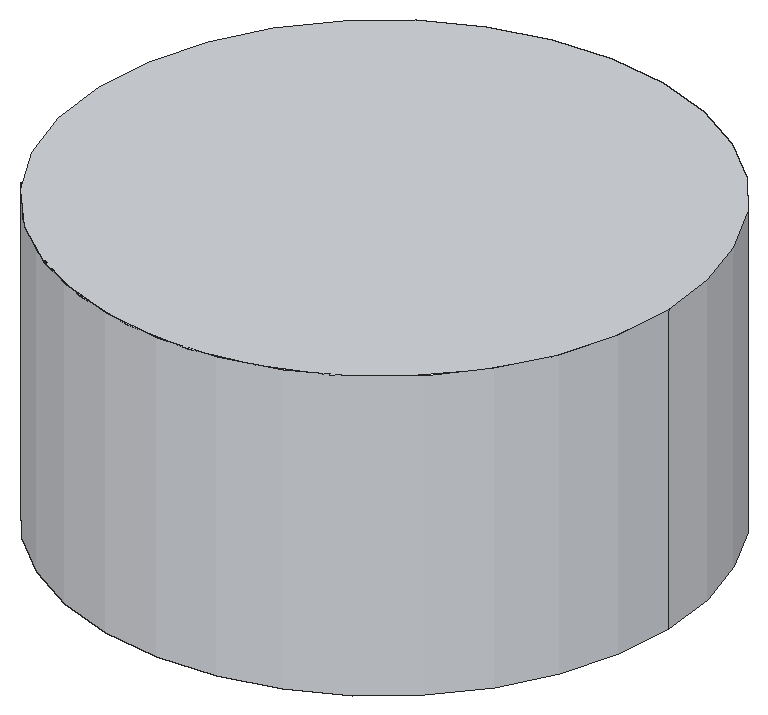
Revit family "342-C", category Plumbing Fixtures, Revit 2014
Parameters (values of type "342-C")
  Vent Connection = yes
  URL = "http://www.helvex.com.mx/contenido.php?producto=350"
  Type Comments = "Drains"
  Total Length = 3.9"
  Total Height = 1.8"
  Model = "342-C"
  Manufacturer = "Helvex"
  Grid = Stainless Steel
  Features = "Removable Grid"
  Documentation = "http://www.helvex.com.mx/productos/fichas/342-C.pdf"
  Description = "Square Grid And Overflow"
  Connection = "2\" PVC Sanitary Pipe"
  CW Connection = yes
  Body = Brass
Reference planes (in)
  plane 1 "Center (Front/Back)": y = 0
  plane 2: z = 0
  plane 3 "Center (Left/Right)": x = 0
Forms (in)
  Extrusion 1, solid
    sketch origin (0, 0, 0) x (1, 0, 0) y (0, 1, 0)
      loop
        circle (0, 0) r 0.815
    from -0.75 to -1.57
Dimensions and locks (in)
  aligned and locked: level to plane 2
Connectors (in)
  piping at (0, 0, -1.57), diameter 2, driven by "CW Connection"
    settings: on Extrusion 1, index 1, connector inside diameter 609.6 mm, connector length 0", flow factor 0, pipe flow 0.0 GPM, pressure drop 0.0 psi, fitting loss kfactor 0, connector angle 0.00°, fixture units 0, engagement length 0", angle of deflection 0.00°, flow configuration 2, flow direction 2, fitting loss method 0, system type 16, joint type 0, gender type 0, connector reference index -1, connector utility 1, adjustable connector no, is connector primary yes, connector description ""
